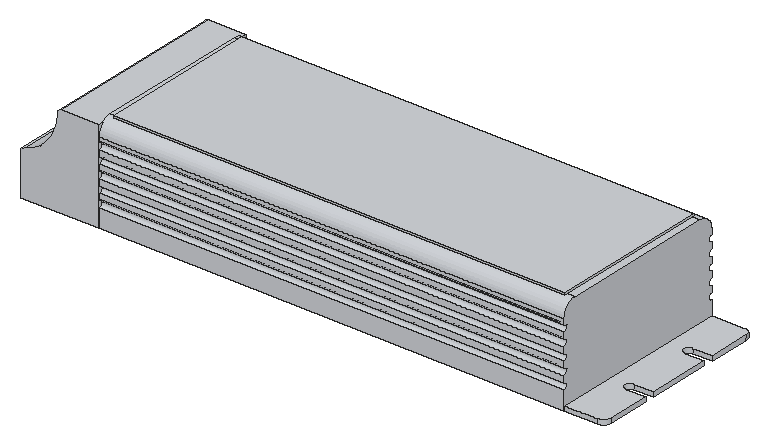
Revit family "XDMA15.1", category Luminarias, Revit 2019
Family settings
  Cota de conector redondo = Diámetro de uso
  Tipo de pieza = Normal
  Se basa en plano de trabajo = Sí
  Siempre vertical = No
  Corte con vacíos al cargar = No
  Origen de luz = No
  Compartido = Sí
  Punto de cálculo de habitación = No
Parameters (values of type "FUENTE_XDMA15.1")
  Keynote = ""
  Modelo = "XDMA15.1"
  Lamp = ""
  Fabricante = "BRILLANT"
  Default Elevation = 1219.2 mm
  Descripción = "FUENTE DE ALIMENTACION DIMEABLE CON UNA CAPACIDAD DE 50W, ALIMENTACION ENTRADA 100-130VAC/50-60Hz, SALIDA 3-50VDC, 0.31mA, IP 20"
  Comentarios de vataje = "3-50//100-130V"
Reference planes
  plane 1 "Centro (Frontal/Posterior)": y = 0
  plane 2: z = 0
  plane 3 "Centro (Izquierda/Derecha)": x = 0
  plane 4: x = -70
  plane 5: x = 70
  plane 6: y = 22
  plane 7: y = -22
  plane 8: z = 23
Forms (mm)
  Extrusion 1, solid
    sketch origin (0, 0, 0) x (1, 0, 0) y (0, 1, 0)
      loop
        line (60.178, 22) -> (60.178, -22) -> (68.149, -22)
        arc (68.149, -22) -> (69.458, -21.458) -> (70, -20.149) r 1.851
        line (70, -20.149) -> (70, -10.024) -> (65.348, -10.024)
        arc (65.348, -10.024) -> (64.142, -8.818) -> (65.348, -7.612) r 1.206
        line (65.348, -7.612) -> (70, -7.612) -> (70, 7.612) -> (65.348, 7.612)
        arc (65.348, 7.612) -> (64.142, 8.818) -> (65.348, 10.024) r 1.206
        line (65.348, 10.024) -> (70, 10.024) -> (70, 20.149)
        arc (70, 20.149) -> (69.458, 21.458) -> (68.149, 22) r 1.851
        line (68.149, 22) -> (60.178, 22)
    from 0 to 1.098
  Extrusion 2, solid
    sketch origin (40.801, 0, 34.013) x (0, 0, 1) y (0, -1, 0)
      loop
        line (-34.013, 22) -> (-34.013, -22) -> (-29.638, -22)
        arc (-29.638, -22) -> (-28.838, -21.2) -> (-28.038, -22) r 0.8
        line (-28.038, -22) -> (-26.52, -22)
        arc (-26.52, -22) -> (-25.72, -21.2) -> (-24.92, -22) r 0.8
        line (-24.92, -22) -> (-23.402, -22)
        arc (-23.402, -22) -> (-22.602, -21.2) -> (-21.802, -22) r 0.8
        line (-21.802, -22) -> (-20.283, -22)
        arc (-20.283, -22) -> (-19.483, -21.2) -> (-18.683, -22) r 0.8
        line (-18.683, -22) -> (-17.165, -22)
        arc (-17.165, -22) -> (-16.365, -21.2) -> (-15.565, -22) r 0.8
        line (-15.565, -22) -> (-14.341, -22)
        arc (-14.341, -22) -> (-11.988, -21.025) -> (-11.013, -18.671) r 3.329
        line (-11.013, -18.671) -> (-11.013, 18.671)
        arc (-11.013, 18.671) -> (-11.988, 21.025) -> (-14.341, 22) r 3.329
        line (-14.341, 22) -> (-15.565, 22)
        arc (-15.565, 22) -> (-16.365, 21.2) -> (-17.165, 22) r 0.8
        line (-17.165, 22) -> (-18.683, 22)
        arc (-18.683, 22) -> (-19.483, 21.2) -> (-20.283, 22) r 0.8
        line (-20.283, 22) -> (-21.802, 22)
        arc (-21.802, 22) -> (-22.602, 21.2) -> (-23.402, 22) r 0.8
        line (-23.402, 22) -> (-24.92, 22)
        arc (-24.92, 22) -> (-25.72, 21.2) -> (-26.52, 22) r 0.8
        line (-26.52, 22) -> (-28.038, 22)
        arc (-28.038, 22) -> (-28.838, 21.2) -> (-29.638, 22) r 0.8
        line (-29.638, 22) -> (-34.013, 22)
    from -92.041 to 19.376
  Extrusion 3, solid
    sketch origin (0, 0, 0) x (1, 0, 0) y (0, 0, 1)
      loop
        line (-51.239, 22.173) -> (-60.019, 22.173)
        arc (-60.019, 22.173) -> (-60.814, 21.844) -> (-61.143, 21.05) r 1.124
        arc (-61.143, 21.05) -> (-63.333, 14.691) -> (-68.973, 11.028) r 10.329
        arc (-68.973, 11.028) -> (-69.699, 10.727) -> (-70, 10.001) r 1.027
        line (-70, 10.001) -> (-70, 0) -> (-51.239, 0) -> (-51.239, 22.173)
    from -22 to 22
  Extrusion 4, solid
    sketch origin (0, 0, 0) x (1, 0, 0) y (0, 1, 0)
      loop
        line (-49.792, 19.112) -> (-49.792, -19.322) -> (58.228, -19.322) -> (58.228, 19.112) -> (-49.792, 19.112)
    from 23 to 23.381
  Extrusion 5, void
    sketch origin (49.164, 0, 36.974) x (0, 0, 1) y (0, -1, 0)
      loop
        circle (-31.076, 8.67) r 1.382
      loop
        circle (-31.076, -8.67) r 1.382
    from -119.164 to -116.32
  Extrusion 6, void
    sketch origin (-6.534, 0, 0) x (1, 0, 0) y (0, 1, 0)
      loop
        circle (-57.377, 0) r 2.278
    from 10.611 to 22.173
Cuts and joins
  Extrusion 5, Extrusion 6 cuts Extrusion 3
Dimensions and locks
  equal spacing: plane 4, plane 3 "Centro (Izquierda/Derecha)", plane 5
  plane 4 to plane 3 "Centro (Izquierda/Derecha)" = 70 mm
  plane 4 to plane 5 = 140 mm
  equal spacing: plane 6, plane 1 "Centro (Frontal/Posterior)", plane 7
  plane 8 to level = 23 mm
  plane 1 "Centro (Frontal/Posterior)" to plane 6 = 22 mm
  plane 6 to plane 7 = 44 mm
  plane 5 to plane 4 = 140 mm
  aligned and locked: level to plane 2
  aligned and locked: level to Extrusion 2 sketch curve
  aligned and locked: plane 7 to Extrusion 2 sketch curve
  aligned and locked: Extrusion 2 sketch curve to plane 8
  aligned and locked: Extrusion 2 to Extrusion 1
  aligned and locked: Extrusion 3 to plane 7
  aligned and locked: plane 6 to Extrusion 3
  aligned and locked: Extrusion 2 to Extrusion 3
  aligned and locked: Extrusion 5 to plane 4
Automatic sketch dimensions
  Extrusion 1 sketch curve to plane 6 = 0 mm
  Extrusion 1 sketch curve to plane 7 = 0 mm
  Extrusion 1 sketch curve to plane 5 = 4.652 mm  (x2)
  Extrusion 1 sketch curve to plane 5 = 1.851 mm  (x2)
  plane 1 "Centro (Frontal/Posterior)" to Extrusion 1 sketch curve = 10.024 mm
  Extrusion 1 sketch curve to Extrusion 1 sketch curve = 1.206 mm  (x2)
  Extrusion 1 sketch curve to plane 1 "Centro (Frontal/Posterior)" = 7.612 mm
  Extrusion 1 sketch curve to plane 5 = 0 mm  (x3)
  Extrusion 1 sketch curve to Extrusion 1 sketch curve = 7.972 mm
  Extrusion 2 sketch curve to plane 6 = 0 mm
  Extrusion 2 sketch curve to Extrusion 2 sketch curve = 4.374 mm  (x2)
  Extrusion 2 sketch curve to Extrusion 2 sketch curve = 0.8 mm  (x10)
  Extrusion 2 sketch curve to Extrusion 2 sketch curve = 1.518 mm  (x8)
  Extrusion 2 sketch curve to Extrusion 2 sketch curve = 1.224 mm
  Extrusion 2 sketch curve to Extrusion 2 sketch curve = 3.329 mm
  Extrusion 3 sketch curve to level = 0 mm
  Extrusion 3 sketch curve to plane 8 = 1.95 mm
  Extrusion 3 sketch curve to plane 4 = 1.472 mm
  Extrusion 3 sketch curve to Extrusion 3 sketch curve = 1.472 mm
  Extrusion 3 sketch curve to Extrusion 3 sketch curve = 1.027 mm
  Extrusion 3 sketch curve to Extrusion 3 sketch curve = 11.453 mm
  level to Extrusion 3 sketch curve = 10.001 mm
  Extrusion 3 sketch curve to plane 8 = 0.827 mm
  Extrusion 3 sketch curve to Extrusion 3 sketch curve = 8.78 mm
  plane 7 to Extrusion 4 sketch curve = 2.678 mm
  plane 4 to Extrusion 4 sketch curve = 20.208 mm
  Extrusion 4 sketch curve to plane 5 = 11.772 mm
  Extrusion 4 sketch curve to plane 6 = 2.888 mm
  level to Extrusion 5 sketch curve = 5.897 mm  (x2)
  Extrusion 5 sketch curve to plane 1 "Centro (Frontal/Posterior)" = 8.67 mm
  plane 1 "Centro (Frontal/Posterior)" to Extrusion 5 sketch curve = 8.67 mm
  plane 1 "Centro (Frontal/Posterior)" to Extrusion 6 sketch curve = 0 mm
  plane 4 to Extrusion 6 sketch curve = 6.089 mm
  radius of Extrusion 5 sketch curve = 1.382 mm  (x2)
  radius of Extrusion 6 sketch curve = 2.278 mm
Connectors
  electrical at (60.178, 0, 12.06)
    settings: on Extrusion 2, index 1, voltage 130 V, apparent load 0 VA, apparent load phase1 0 VA, apparent load phase2 0 VA, apparent load phase3 0 VA, power factor 1, load classification "Otro", number of poles 1, system type 31, power factor state 1, is connector primary yes, connector utility no, sub classification motor no, connector description ""
  electrical at (-70, 0, 5)
    settings: on cut or joined group of Extrusion 3, Extrusion 5, Extrusion 6, index 2, voltage 50 V, apparent load 0 VA, apparent load phase1 0 VA, apparent load phase2 0 VA, apparent load phase3 0 VA, power factor 1, load classification "Otro", number of poles 1, system type 31, power factor state 1, is connector primary no, connector utility no, sub classification motor no, connector description ""
